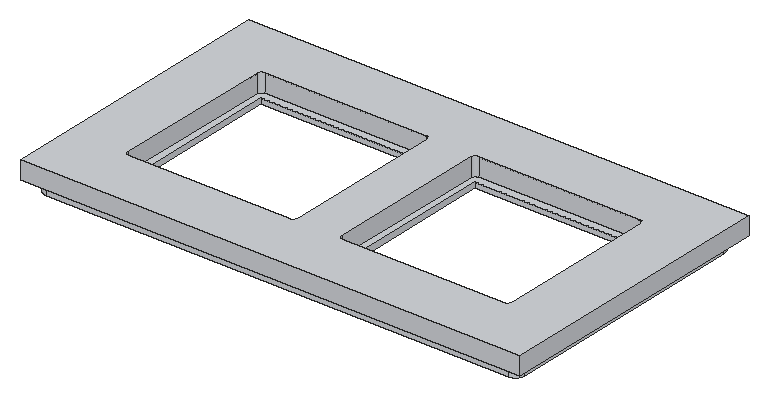
Revit family "Gira_0212220", category Electrical Fixtures, host Face, Revit 2017
Family settings
  Host = Face
  Maintain Annotation Orientation = No
  Round Connector Dimension = Use Diameter
  Part Type = Normal
  Cut with Voids When Loaded = No
  Shared = No
  Room Calculation Point = No
Parameters (values of type "Cov.fr. 2-g Gira Esprit Lin.pwd.light grey")
  With mounting grid = "No"
  With hinged lid = "No"
  URL = "http://katalog.gira.de/en/datenblatt.html?artikelnr=0212220"
  Type of fastening = "Clamp mounting"
  Transparent = "No"
  Surface protection = "Other"
  Suitable for wall duct = "No"
  Suitable for flush-mounted installation = "Yes"
  Suitable for floor box = "No"
  Suitable for built-in installation = "No"
  Number of units vertical = "2"
  Number of units horizontal = "2"
  Number of units = "2"
  Name = "Cov.fr. 2-g Gira Esprit Lin.pwd.light grey"
  Mounting direction = "Horizontal and vertical"
  Material quality = "Other"
  Material = "Other"
  Manufacturer URL = "https://www.gira.de/"
  Manufacturer = "Gira"
  Label space/information surface = "No"
  Keynote = ""
  HeinzeBIM = "https://bimportal.heinze.de/bim/cov-fr-2-g-gira-esprit-lin-pwd-light-grey/6413ab2855a126944afcdbe89ac29c7c20315899"
  Halogen free = "No"
  HAN = "0212220"
  GTIN = "4010337015826"
  Description = "Cov.fr.2g Espr. LPwLg,Gira Esprit cover frame,linoleum-plywood light grey,2-gang,Notes :,- Natural product. Colour deviations are possible.,- NCS value: approx. NCS S 2002-Y"
  Degree of protection (IP) = "IP20"
  Default Elevation = 1219.2 mm
  Data sheet (1) = "https://katalog.gira.de/en/download.html?artikelnr=0212220"
  Colour = "Other"
  Category = "Cover frame for domestic switching devices"
  BIM (1) = "https://media.stage.bim.site/public/gira/36a6b08/Espr._Rahmen_2fach.rfa"
  Available = "No"
Reference planes
  plane 1 "Center (Front/Back)": y = 0
  plane 2: z = 0
  plane 3 "Center (Left/Right)": x = 0
Forms (mm)
  Extrusion 1, solid, detail levels fine
    sketch origin (0, 0, 0) x (1, 0, 0) y (0, 1, 0)
      loop
        line (-83, 47.5) -> (-83, -47.5) -> (83, -47.5) -> (83, 47.5) -> (-83, 47.5)
      loop
        arc (-63.75, -26.7) -> (-63.311, -27.761) -> (-62.25, -28.2) r 1.5
        line (-62.25, -28.2) -> (-8.85, -28.2)
        arc (-8.85, -28.2) -> (-7.789, -27.761) -> (-7.35, -26.7) r 1.5
        line (-7.35, -26.7) -> (-7.35, 26.7)
        arc (-7.35, 26.7) -> (-7.789, 27.761) -> (-8.85, 28.2) r 1.5
        line (-8.85, 28.2) -> (-62.25, 28.2)
        arc (-62.25, 28.2) -> (-63.311, 27.761) -> (-63.75, 26.7) r 1.5
        line (-63.75, 26.7) -> (-63.75, -26.7)
      loop
        line (63.75, -26.7) -> (63.75, 26.7)
        arc (63.75, 26.7) -> (63.311, 27.761) -> (62.25, 28.2) r 1.5
        line (62.25, 28.2) -> (8.85, 28.2)
        arc (8.85, 28.2) -> (7.789, 27.761) -> (7.35, 26.7) r 1.5
        line (7.35, 26.7) -> (7.35, -26.7)
        arc (7.35, -26.7) -> (7.789, -27.761) -> (8.85, -28.2) r 1.5
        line (8.85, -28.2) -> (62.25, -28.2)
        arc (62.25, -28.2) -> (63.311, -27.761) -> (63.75, -26.7) r 1.5
    from 0 to 6
  Extrusion 2, solid, detail levels fine
    sketch origin (0, 0, 0) x (1, 0, 0) y (0, 1, 0)
      loop
        line (-61.45, -25.7) -> (-9.65, -25.7) -> (-9.65, 25.7) -> (-61.45, 25.7) -> (-61.45, -25.7)
      loop
        line (61.45, 25.7) -> (9.65, 25.7) -> (9.65, -25.7) -> (61.45, -25.7) -> (61.45, 25.7)
      loop
        arc (-78.454, -41.3) -> (-77.927, -42.573) -> (-76.654, -43.1) r 1.8
        line (-76.654, -43.1) -> (76.654, -43.1)
        arc (76.654, -43.1) -> (77.927, -42.573) -> (78.454, -41.3) r 1.8
        line (78.454, -41.3) -> (78.454, 41.3)
        arc (78.454, 41.3) -> (77.927, 42.573) -> (76.654, 43.1) r 1.8
        line (76.654, 43.1) -> (-76.654, 43.1)
        arc (-76.654, 43.1) -> (-77.927, 42.573) -> (-78.454, 41.3) r 1.8
        line (-78.454, 41.3) -> (-78.454, -41.3)
    from -1.9 to 0
  Extrusion 3, solid, detail levels fine
    sketch origin (0, 0, 0) x (1, 0, 0) y (0, 1, 0)
      loop
        arc (-76.75, 44.4) -> (-78.871, 43.521) -> (-79.75, 41.4) r 3
        line (-79.75, 41.4) -> (-79.75, -41.4)
        arc (-79.75, -41.4) -> (-78.871, -43.521) -> (-76.75, -44.4) r 3
        line (-76.75, -44.4) -> (76.75, -44.4)
        arc (76.75, -44.4) -> (78.871, -43.521) -> (79.75, -41.4) r 3
        line (79.75, -41.4) -> (79.75, 41.4)
        arc (79.75, 41.4) -> (78.871, 43.521) -> (76.75, 44.4) r 3
        line (76.75, 44.4) -> (-76.75, 44.4)
      loop
        arc (-78.55, -41.4) -> (-78.023, -42.673) -> (-76.75, -43.2) r 1.8
        line (-76.75, -43.2) -> (76.75, -43.2)
        arc (76.75, -43.2) -> (78.023, -42.673) -> (78.55, -41.4) r 1.8
        line (78.55, -41.4) -> (78.55, 41.4)
        arc (78.55, 41.4) -> (78.023, 42.673) -> (76.75, 43.2) r 1.8
        line (76.75, 43.2) -> (-76.75, 43.2)
        arc (-76.75, 43.2) -> (-78.023, 42.673) -> (-78.55, 41.4) r 1.8
        line (-78.55, 41.4) -> (-78.55, -41.4)
    from -3.7 to 0
  Extrusion 4, solid, detail levels medium
    sketch origin (0, 0, 0) x (1, 0, 0) y (0, 1, 0)
      loop
        line (-83, 47.5) -> (-83, -47.5) -> (83, -47.5) -> (83, 47.5) -> (-83, 47.5)
    from 0 to 6
  Extrusion 5, solid, detail levels medium
    sketch origin (0, 0, 0) x (1, 0, 0) y (0, 1, 0)
      loop
        line (-79.75, 44.4) -> (-79.75, -44.4) -> (79.75, -44.4) -> (79.75, 44.4) -> (-79.75, 44.4)
    from -3.7 to 0
  Extrusion 6, solid, detail levels coarse
    sketch origin (0, 0, 0) x (1, 0, 0) y (0, 1, 0)
      loop
        line (-83, 47.5) -> (-83, -47.5) -> (83, -47.5) -> (83, 47.5) -> (-83, 47.5)
    from -3.7 to 6
Dimensions and locks
  aligned and locked: plane 2 to host face
  aligned and locked: level to host face
